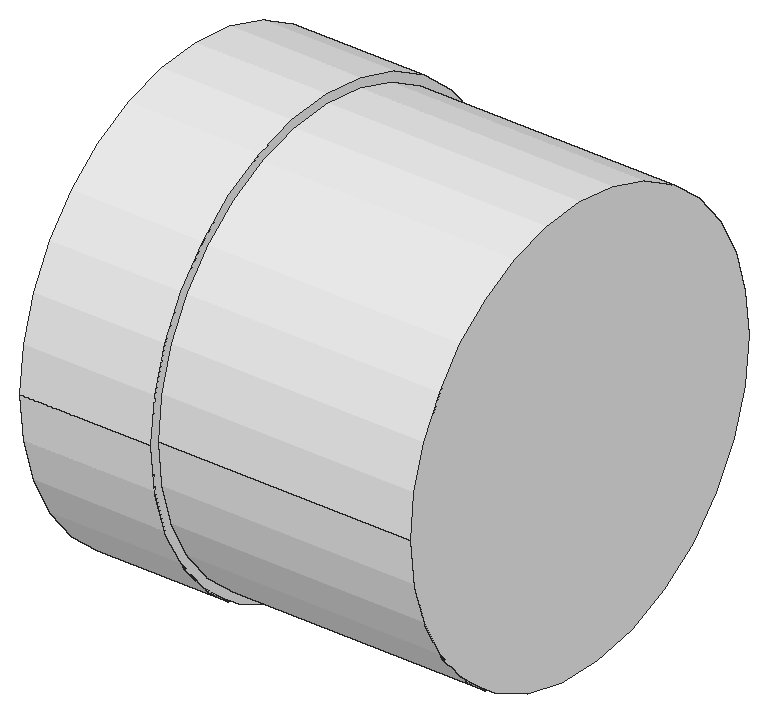
Revit family "VENTS-VKO", category Mechanical Equipment, Revit 2019
Family settings
  Round Connector Dimension = Use Diameter
  Classification = None
  Part Type = Breaks Into
  OmniClass Number = 23.75.35.17.11
  OmniClass Title = Fans for Air Ductwork
  Work Plane-Based = No
  Always vertical = Yes
  Cut with Voids When Loaded = No
  Shared = No
  Room Calculation Point = No
Parameters (values of type "100 VKO")
  sFl = 2 mm  # constant formula
  gsD = L * 0.8  # 72.8 mm
  dFl = 23 mm
  Weight = 0.41 kg
  Voltage = 230 V
  URL = "https://ventilation-system.com/product/vents-100-vko"
  Type Comments = "Inline axial fan 100 VKO"
  Transported Air Temperature (°C) = "+1...+40"
  RPM (min-1) = 2300
  Protection rating = "IPX4"
  Power Factor = 1
  Power = 14 W
  Number of Poles = 1
  Noise Level at 3 m (dBa) = 37
  Model = "100 VKO"
  Maximum Air Flow = 105 m³/h
  Manufacturer = "Vents"
  Maintenance Zone Width = 400 mm
  Maintenance Zone Material = Maintenance Zone
  Maintenance Zone Length = 400 mm
  Maintenance Zone Height = 600 mm
  Maintenance Zone [instance] = no
  Load Classification = HVAC
  L1 = 31 mm
  L = 91 mm
  Flow direction symbol [instance] = yes
  Flow Factor [instance] = 1  # constant formula
  Family Version = "1.0"  # constant formula
  Description = "Inline axial fan for round ducts"
  D1 = 104 mm
  Current = 0.085 A
  Copyright = "©Vents"
  Connection Diameter = 100 mm
  Casing Material = Plastic White Glazed
  D = 100 mm
  Apparent Power = Power / Power Factor  # 14 VA
  Air Flow [instance] = 0 m³/h
Types (3, lengths in mm): name | gsD | Weight | URL | Type Comments | RPM (min-1) | Power | Noise Level at 3 m (dBa) | Model | Maximum Air Flow | L1 | L | D1 | Current | Connection Diameter | D | Apparent Power
  100 VKO | 72.8 | 0.41 kg | "https://ventilation-system.com/product/vents-100-vko" | "Inline axial fan 100 VKO" | 2300 | 14 W | 37 | "100 VKO" | 105 m³/h | 31 | 91 | 104 | 0.085 A | 100 | 100 | 14 VA
  125 VKO | 74.4 | 0.48 kg | "https://ventilation-system.com/product/vents-125-vko" | "Inline axial fan 125 VKO" | 2400 | 16 W | 38 | "125 VKO" | 185 m³/h | 31 | 93 | 129 | 0.1 A | 125 | 125 | 16 VA
  150 VKO | 86.4 | 0.80 kg | "https://ventilation-system.com/product/vents-150-vko" | "Inline axial fan 150 VKO" | 2400 | 24 W | 40 | "150 VKO" | 298 m³/h | 46 | 108 | 154 | 0.13 A | 150 | 150 | 24 VA
Reference planes
  plane 1 "Center (Front/Back)": y = 0
  plane 2: z = 0
  plane 3 "Center (Left/Right)": x = 0
  plane 4 "Right": x = 91
  plane 5: y = 50
  plane 6 "ElCon": y = -50
  plane 7 "Top": z = 50
  plane 8 "GraphicSymbolL": x = 45.5
  plane 9 "Bottom": z = -50
  plane 10 "Center L/CC": x = 31
Forms (mm)
  Extrusion 1, solid, material "Plastic White Glazed" <- "Casing Material", detail levels medium+fine
    sketch origin (0, 0, 0) x (0, 1, 0) y (0, 0, 1)
      loop
        circle (0, 0) r 52
    from 0 to 31
  Extrusion 2, solid, material "Plastic White Glazed" <- "Casing Material", detail levels medium+fine
    sketch origin (0, 0, 0) x (0, 1, 0) y (0, 0, 1)
      loop
        circle (0, 0) r 50
    from 31 to 91
Lines and regions (mm)
  model lines, detail levels coarse
    curve 1: line (0, 50, 0) -> (91, 50, 0)
    curve 2: line (0, -50, 0) -> (0, 50, 0)
    curve 3: line (91, -50, 0) -> (0, -50, 0)
    curve 4: line (91, 50, 0) -> (91, -50, 0)
  reference lines
    curve 5: line (45.5, 0, 0) -> (45.5, 0, -50)
Dimensions and locks
  "L": plane 3 "Center (Left/Right)" to plane 4 "Right"
  equal spacing: plane 5, plane 1 "Center (Front/Back)", plane 6 "ElCon"
  "D": plane 5 to plane 6 "ElCon"
  equal spacing: plane 3 "Center (Left/Right)", plane 8 "GraphicSymbolL", plane 4 "Right"
  equal spacing: plane 7 "Top", level, plane 9 "Bottom"
  "D": plane 7 "Top" to plane 9 "Bottom"
  "L1": plane 3 "Center (Left/Right)" to plane 10 "Center L/CC"
  "D1": diameter of Extrusion 1 sketch curve
  "D": diameter of Extrusion 2 sketch curve
  aligned and locked: level to plane 2
  aligned and locked: plane 8 "GraphicSymbolL" to nested 1
  aligned and locked: plane 1 "Center (Front/Back)" to nested 1
  aligned and locked: plane 8 "GraphicSymbolL" to nested 2
  aligned and locked: plane 2 to nested 2
  aligned and locked: plane 1 "Center (Front/Back)" to nested 3
  aligned and locked: plane 8 "GraphicSymbolL" to nested 3
  aligned and locked: Extrusion 1 to plane 3 "Center (Left/Right)"
  aligned and locked: plane 10 "Center L/CC" to Extrusion 1
  aligned and locked: plane 4 "Right" to Extrusion 2
  aligned and locked: plane 1 "Center (Front/Back)" to nested 4
  aligned and locked: plane 8 "GraphicSymbolL" to nested 4
  aligned and locked: plane 2 to curve 5
  aligned and locked: plane 9 "Bottom" to curve 5
  aligned and locked: curve 5 to plane 8 "GraphicSymbolL"
  aligned and locked: Extrusion 2 to plane 10 "Center L/CC"
Automatic sketch dimensions
  curve 3 to plane 3 "Center (Left/Right)" = 0 mm
  curve 3 to plane 4 "Right" = 0 mm
  curve 3 to plane 6 "ElCon" = 0 mm
  curve 2 to plane 5 = 0 mm
  Extrusion 1 sketch curve to level = 0 mm
  Extrusion 1 sketch curve to plane 1 "Center (Front/Back)" = 0 mm
  Extrusion 2 sketch curve to level = 0 mm
  Extrusion 2 sketch curve to plane 1 "Center (Front/Back)" = 0 mm
Nested families
  nested 1: "GraphicalSymbol_Fun_FlowDirection" at (45.5, 0, 0), visible <- "Flow direction symbol", type "GraphicalSymbol_Fun_FlowDirection", detail levels medium+fine
    with Length 80 mm, Height 80 mm, B 40 mm, A 26.667 mm
  nested 2: "GraphicalSymbol_Fun_FlowDirection" at (45.5, 0, 0) x (1, 0, 0) z (0, 1, 0), visible <- "Flow direction symbol", type "GraphicalSymbol_Fun_FlowDirection", detail levels medium+fine
    with Length 80 mm, Height 80 mm, B 40 mm, A 26.667 mm
  nested 3: "GraphicalSymbol_Fan_2" at (45.5, 0, 0), type "GraphicalSymbol_Fan_2", detail levels coarse
    with Diameter 72.8 mm, B 34.944 mm, A 25.48 mm
  nested 4: "MaintenanceZone_Rect" at (45.5, 0, -50), visible <- "Maintenance Zone", type "MaintenanceZone_Rect", detail levels medium+fine
    with Maintenance Zone Width 400 mm, Maintenance Zone Length 400 mm, Maintenance Zone Height 600 mm
Connectors
  hvac at (0, 0, 0), driven by "Connection Diameter", driven by "Air Flow"
    settings: on Extrusion 1, index 1, duct flow 0 m³/h, flow factor 0, pres drop 0.0 Pa, loss coef 0, conn angle 0.00°, conn width 304.8 mm, conn height 304.8 mm, conn diameter 100 mm, duct sys type 29, conn prof type 0, flow config 0, flow direction 1, loss method 0, conn ref index 2, conn util no, is conn primary yes, conn desc ""
  hvac at (91, 0, 0), driven by "Connection Diameter", driven by "Air Flow"
    settings: on Extrusion 2, index 2, duct flow 0 m³/h, flow factor 0, pres drop 0.0 Pa, loss coef 0, conn angle 0.00°, conn width 304.8 mm, conn height 304.8 mm, conn diameter 100 mm, duct sys type 28, conn prof type 0, flow config 0, flow direction 2, loss method 0, conn ref index 1, conn util no, is conn primary no, conn desc ""
  electrical at (45.5, 0, -50), driven by "Number of Poles", driven by "Load Classification", driven by "Voltage", driven by "Apparent Power", driven by "Power Factor"
    settings: on curve 5, index 3, voltage 230 V, apparent load 14 VA, apparent load phase1 0 VA, apparent load phase2 0 VA, apparent load phase3 0 VA, power factor 1, load classification "HVAC", number of poles 1, system type 30, power factor state 1, is connector primary yes, connector utility no, sub classification motor no, connector description ""
Definition of nested family "MaintenanceZone_Rect"
  Parameters (values of type "MaintenanceZone_Rect")
    Maintenance Zone Width = 500 mm
    Material = none
    Maintenance Zone Length = 1000 mm
    Maintenance Zone Height = 300 mm
    Family Version = ""
    Default Elevation = 1219.2 mm
    Copyright = ""
  Reference planes
    plane 1 "Center (Front/Back)": y = 0
    plane 2: z = 0
    plane 3 "Center (Left/Right)": x = 0
    plane 4: x = -500
    plane 5: x = 500
    plane 6: y = 250
    plane 7: y = -250
    plane 8: z = -300
  Forms (mm)
    Extrusion 1, solid, material <- "Material", detail levels medium+fine
      sketch origin (0, 0, 0) x (1, 0, 0) y (0, 1, 0)
        loop
          line (-500, 250) -> (-500, -250) -> (500, -250) -> (500, 250) -> (-500, 250)
      from 0 to -300
  Lines and regions (mm)
    symbolic lines, detail levels medium+fine
      curve 1: line (-500, 0, 0) -> (500, 0, 0)
      curve 2: line (-500, 0, -300) -> (-500, 0, 0)
      curve 3: line (500, 0, -300) -> (-500, 0, -300)
      curve 4: line (500, 0, 0) -> (500, 0, -300)
      curve 5: line (0, 250, 0) -> (0, -250, 0)
      curve 6: line (0, 250, -300) -> (0, 250, 0)
      curve 7: line (0, -250, -300) -> (0, 250, -300)
      curve 8: line (0, -250, 0) -> (0, -250, -300)
      curve 9: line (-500, 250, 0) -> (500, 250, 0)
      curve 10: line (-500, -250, 0) -> (-500, 250, 0)
      curve 11: line (500, -250, 0) -> (-500, -250, 0)
      curve 12: line (500, 250, 0) -> (500, -250, 0)
  Dimensions and locks
    equal spacing: plane 6, plane 1 "Center (Front/Back)", plane 7
    equal spacing: plane 4, plane 3 "Center (Left/Right)", plane 5
    "Maintenance Zone Width": plane 6 to plane 7
    "Maintenance Zone Length": plane 4 to plane 5
    "Maintenance Zone Height": plane 2 to plane 8
    aligned and locked: level to plane 2
    aligned and locked: Extrusion 1 sketch curve to plane 6
    aligned and locked: plane 4 to Extrusion 1 sketch curve
    aligned and locked: plane 7 to Extrusion 1 sketch curve
    aligned and locked: Extrusion 1 sketch curve to plane 5
    aligned and locked: Extrusion 1 to plane 8
    aligned and locked: curve 1 to Extrusion 1
    aligned and locked: curve 2 to Extrusion 1
    aligned and locked: curve 3 to Extrusion 1
    aligned and locked: curve 4 to Extrusion 1
    aligned and locked: curve 5 to Extrusion 1
    aligned and locked: curve 6 to Extrusion 1
    aligned and locked: curve 7 to Extrusion 1
    aligned and locked: curve 8 to Extrusion 1
    aligned and locked: curve 9 to Extrusion 1
    aligned and locked: curve 10 to Extrusion 1
    aligned and locked: curve 11 to Extrusion 1
    aligned and locked: curve 12 to Extrusion 1
Definition of nested family "GraphicalSymbol_Fun_FlowDirection"
  Parameters (values of type "GraphicalSymbol_Fun_FlowDirection")
    Length = 100 mm
    Height = Length  # 100 mm
    B = Length / 2  # 50 mm
    A = Length / 3  # 33.333 mm
  Reference planes
    plane 1 "Center (Front/Back)": y = 0
    plane 2: z = 0
    plane 3 "Center (Left/Right)": x = 0
    plane 4: x = -33.333
    plane 5: x = 50
    plane 6: y = 50
    plane 7: y = -50
  Lines and regions (mm)
    detail lines, in view "Ref. Level"
      curve 1: line (-33.333, 50, 0) -> (-33.333, -50, 0)
      curve 2: line (50, 0, 0) -> (-33.333, -50, 0)
      curve 3: line (50, 0, 0) -> (-33.333, 50, 0)
  Dimensions and locks
    "A": plane 4 to plane 3 "Center (Left/Right)"
    "B": plane 3 "Center (Left/Right)" to plane 5
    equal spacing: plane 6, plane 1 "Center (Front/Back)", plane 7
    "Height": plane 6 to plane 7
    aligned and locked: curve 1 to plane 4
  Automatic sketch dimensions
    plane 1 "Center (Front/Back)" to curve 3 = 0 mm
    curve 3 to plane 5 = 0 mm
    curve 2 to plane 7 = 0 mm
    curve 3 to plane 6 = 0 mm
Definition of nested family "GraphicalSymbol_Fan_2"
  Parameters (values of type "GraphicalSymbol_Fan_2")
    Diameter = 100 mm
    Default Elevation = 1219.2 mm
    B = Diameter * 0.48  # 48 mm
    A = Diameter * 0.35  # 35 mm
  Reference planes
    plane 1 "Center (Front/Back)": y = 0
    plane 2: z = 0
    plane 3 "Center (Left/Right)": x = 0
    plane 4: x = -35
    plane 5: x = 48
  Lines and regions (mm)
    model lines
      curve 1: circle (0, 0, 0) r 50 normal (0, 0, 1)
      curve 4: line (-35, 35.707, 0) -> (48, 14, 0)
      curve 5: line (-35, -35.707, 0) -> (48, -14, 0)
    reference lines
      curve 2: line (50, 141.389, 0) -> (50, -158.611, 0)
      curve 3: line (-50, 141.389, 0) -> (-50, -158.611, 0)
  Dimensions and locks
    equal spacing: curve 3, plane 3 "Center (Left/Right)", curve 2
    "Diameter": curve 3 to curve 2
    "A": plane 4 to plane 3 "Center (Left/Right)"
    "B": plane 3 "Center (Left/Right)" to plane 5
    "Diameter": diameter of curve 1
    aligned and locked: level to plane 2
  Automatic sketch dimensions
    curve 4 to plane 4 = 0 mm
    curve 5 to plane 4 = 0 mm
    plane 1 "Center (Front/Back)" to curve 1 = 0 mm
    curve 1 to plane 3 "Center (Left/Right)" = 0 mm
    curve 5 to plane 5 = 0 mm
    curve 4 to plane 5 = 0 mm
    plane 1 "Center (Front/Back)" to curve 2 = 158.611 mm
    curve 3 to curve 2 = 0 mm  (x2)
    curve 3 to plane 1 "Center (Front/Back)" = 141.389 mm
